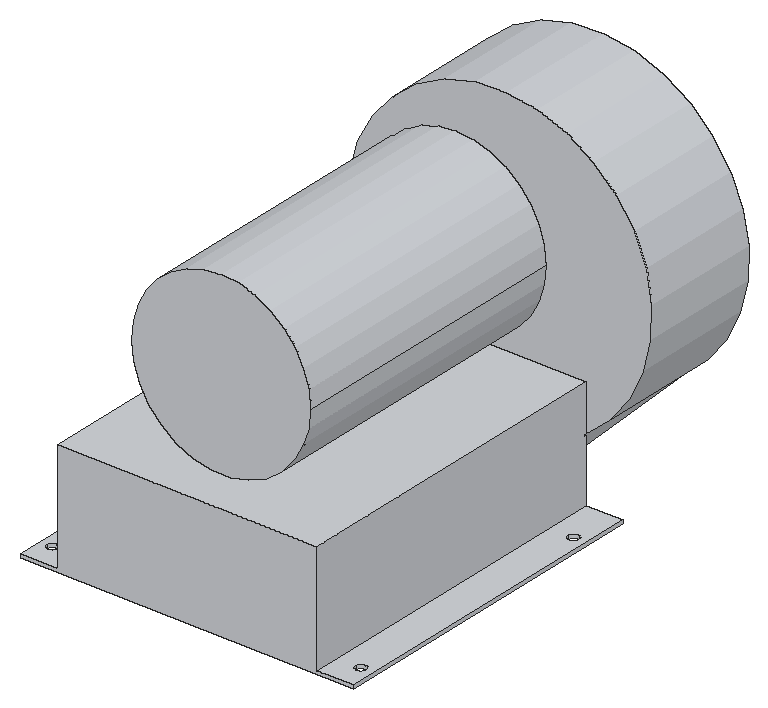
Revit family "CPFD_CW_BAD", category Mechanical Equipment, Revit 2019
Family settings
  Round Connector Dimension = Use Radius
  Part Type = Normal
  Work Plane-Based = No
  Always vertical = Yes
  Cut with Voids When Loaded = No
  Shared = No
  Room Calculation Point = No
Parameters (values of type "6_CPFD_CW_BAD")
  Unit Weight [instance] = ""
  T_SQ/2 = T_SQ / 2  # 1' - 4"
  T_SQ = 2' - 8"
  Sones [instance] = ""
  SPACE = 0' - 2"
  S = 0' - 3 11/16"
  R = 0' - 9 3/8"
  Q = 0' - 1 1/4"
  P/6 = P / 6  # 0' - 1.16667"
  P/2 = P / 2  # 0' - 3 1/2"
  P = 0' - 7"
  N/2 = N / 2  # 0' - 0 7/32"
  N = 0' - 0 7/16"
  Motor RPM [instance] = ""
  Motor Enclosure [instance] = ""
  ModelID [instance] = ""
  M = 0' - 3 5/8"
  LwA [instance] = ""
  L = 0' - 4 5/8"
  K = 0' - 1"
  J = 0' - 10 3/4"
  H/2 = H / 2  # 0' - 6 1/4"
  H-1.5" = H - 0' 1 1/2"  # 0' - 11"
  H = 1' - 0 1/2"
  G-Q = 0' - 5 49/128"
  G-1" = G - 0' 1"  # 0' - 3 3/8"
  G = 0' - 4 3/8"
  Fan RPM [instance] = ""
  F+1.25" = -(F + 0' 1 1/4")  # -0' - 5 7/8"
  F+.25" = -(F + 0' 0 1/4")  # -0' - 4 7/8"
  F = 0' - 4 5/8"
  E+.25" = E + 0' 0 1/4"  # 0' - 8 1/8"
  E = 0' - 7 7/8"
  D-S = D - S  # 0' - 4 7/16"
  D+R = D + R  # 1' - 5 1/2"
  D = 0' - 8 1/8"
  C/2 = C / 2  # 0' - 7"
  C = 1' - 2"
  B/2 = B / 2  # 0' - 9 1/4"
  B-F-2" = B - F - 0' 2"  # 0' - 11 7/8"
  B-F-.25" = B - F - 0' 0 1/4"  # 1' - 1 5/8"
  B = 1' - 6 1/2"
  Accessories [instance] = ""
  A/2 = A / 2  # 0' - 6 3/4"
  A = 1' - 1 1/2"
  45_ = 45.00°
  45 = 135.00°  # constant formula
  3" = 0' - 3"  # constant formula
  Brake Hp [instance] = ""
  4" = 0' - 4"  # constant formula
  2' = 2' - 0"
  2" = 0' - 2"  # constant formula
  1" = 0' - 1"  # constant formula
  0 = 0' - 0"  # constant formula
  Voltage [instance] = 0 V
  URL = "www.lorencook.com"
  Type Comments = "Forward Curved Centrifugal Blower Direct Drive Clockwise Bottom Angular Down Arrangement 4"  # constant formula
  Static Pressure [instance] = 0.00 in-wg
  Power [instance] = Voltage * Motor FLA * sqrt(if(Phase = 3, 3, 1))  # 0 VA
  Phase [instance] = 0
  Number of Poles [instance] = 1
  Motor Hp [instance] = "0"
  Motor FLA [instance] = 0 A
  Model = "CPFD_CW_BAD"  # constant formula
  Manufacturer = "Loren Cook Company"
  CFM [instance] = 0 CFM
  1.5 = 0' - 1 1/2"  # constant formula
  ONE EIGTH = 0' - 0 1/8"  # constant formula
  (P/2)-.125" = (P / 2) - 0' 0 1/8"  # 0' - 3 3/8"
Types (6): name | SPACE | S | R | Q | P/6 | P/2 | P | N/2 | N | M | L | J | H/2 | H-1.5" | H | G-1" | G | F+1.25" | F+.25" | F | E+.25" | E | D-S | D+R | D | C/2 | C | B/2 | B-F-2" | B-F-.25" | B | A/2 | A | (P/2)-.125"
  (no name) | 0' - 2" | 0' - 3 11/16" | 0' - 9 3/8" | 0' - 1 1/4" | 0' - 1.16667" | 0' - 3 1/2" | 0' - 7" | 0' - 0 7/32" | 0' - 0 7/16" | 0' - 3 5/8" | 0' - 4 5/8" | 0' - 10 3/4" | 0' - 6 1/4" | 0' - 11" | 1' - 0 1/2" | 0' - 3 3/8" | 0' - 4 3/8" | -0' - 5 7/8" | -0' - 4 7/8" | 0' - 4 5/8" | 0' - 8 1/8" | 0' - 7 7/8" | 0' - 4 7/16" | 1' - 5 1/2" | 0' - 8 1/8" | 0' - 7" | 1' - 2" | 0' - 9 1/4" | 0' - 11 7/8" | 1' - 1 5/8" | 1' - 6 1/2" | 0' - 6 3/4" | 1' - 1 1/2" | 0' - 3 3/8"
  6_CPFD_CW_BAD | 0' - 2" | 0' - 3 11/16" | 0' - 9 3/8" | 0' - 1 1/4" | 0' - 1.16667" | 0' - 3 1/2" | 0' - 7" | 0' - 0 7/32" | 0' - 0 7/16" | 0' - 3 5/8" | 0' - 4 5/8" | 0' - 10 3/4" | 0' - 6 1/4" | 0' - 11" | 1' - 0 1/2" | 0' - 3 3/8" | 0' - 4 3/8" | -0' - 5 7/8" | -0' - 4 7/8" | 0' - 4 5/8" | 0' - 8 1/8" | 0' - 7 7/8" | 0' - 4 7/16" | 1' - 5 1/2" | 0' - 8 1/8" | 0' - 7" | 1' - 2" | 0' - 9 1/4" | 0' - 11 7/8" | 1' - 1 5/8" | 1' - 6 1/2" | 0' - 6 3/4" | 1' - 1 1/2" | 0' - 3 3/8"
  7_CPFD_CW_BAD | 0' - 2 1/2" | 0' - 3 7/8" | 0' - 9 7/8" | 0' - 1 1/4" | 0' - 1.16667" | 0' - 3 1/2" | 0' - 7" | 0' - 0 7/32" | 0' - 0 7/16" | 0' - 3 5/8" | 0' - 7 1/8" | 1' - 0 1/4" | 0' - 6 1/4" | 0' - 11" | 1' - 0 1/2" | 0' - 3 3/4" | 0' - 4 3/4" | -0' - 6 5/8" | -0' - 5 5/8" | 0' - 5 3/8" | 0' - 8 5/8" | 0' - 8 3/8" | 0' - 6 3/4" | 1' - 8 1/2" | 0' - 10 5/8" | 0' - 8 15/32" | 1' - 4 15/16" | 0' - 10 1/8" | 1' - 0 7/8" | 1' - 2 5/8" | 1' - 8 1/4" | 0' - 6 3/4" | 1' - 1 1/2" | 0' - 3 3/8"
  9_CPFD_CW_BAD | 0' - 2" | 0' - 4 3/8" | 0' - 11 1/2" | 0' - 1 9/16" | 0' - 1 1/2" | 0' - 4 1/2" | 0' - 9" | 0' - 0 9/32" | 0' - 0 9/16" | 0' - 4 5/8" | 0' - 7 5/8" | 1' - 1 3/4" | 0' - 6 3/8" | 0' - 11 1/4" | 1' - 0 3/4" | 0' - 4 1/2" | 0' - 5 1/2" | -0' - 7 1/8" | -0' - 6 1/8" | 0' - 5 7/8" | 0' - 10 1/8" | 0' - 9 7/8" | 0' - 6 3/4" | 1' - 10 5/8" | 0' - 11 1/8" | 0' - 9 11/32" | 1' - 6 11/16" | 0' - 10 7/8" | 1' - 1 7/8" | 1' - 3 5/8" | 1' - 9 3/4" | 0' - 7" | 1' - 2" | 0' - 4 3/8"
  10_CPFD_CW_BAD | 0' - 3" | 0' - 4 15/16" | 1' - 1 1/16" | 0' - 1 3/4" | 0' - 1 1/2" | 0' - 4 1/2" | 0' - 9" | 0' - 0 9/32" | 0' - 0 9/16" | 0' - 4 5/8" | 0' - 9 7/8" | 1' - 1 3/4" | 0' - 7 1/8" | 1' - 0 3/4" | 1' - 2 1/4" | 0' - 5 7/16" | 0' - 6 7/16" | -0' - 7 5/8" | -0' - 6 5/8" | 0' - 6 3/8" | 0' - 11 5/8" | 0' - 11 3/8" | 0' - 9 7/16" | 2' - 3 7/16" | 1' - 2 3/8" | 0' - 11 7/16" | 1' - 10 7/8" | 0' - 11 1/8" | 1' - 1 7/8" | 1' - 3 5/8" | 1' - 10 1/4" | 0' - 7 3/4" | 1' - 3 1/2" | 0' - 4 3/8"
  12_CPFD_CW_BAD | 0' - 4 1/4" | 0' - 5 11/16" | 1' - 3 3/16" | 0' - 2 1/2" | 0' - 2.08333" | 0' - 6 1/4" | 1' - 0 1/2" | 0' - 0 9/32" | 0' - 0 9/16" | 0' - 4 5/8" | 0' - 9 7/8" | 1' - 2 1/4" | 0' - 7 7/8" | 1' - 2 1/4" | 1' - 3 3/4" | 0' - 6 1/16" | 0' - 7 1/16" | -0' - 7 1/8" | -0' - 6 1/8" | 0' - 5 7/8" | 1' - 1 5/8" | 1' - 1 3/8" | 0' - 8 11/16" | 2' - 5 9/16" | 1' - 2 3/8" | 1' - 0 7/32" | 2' - 0 7/16" | 0' - 11 3/8" | 1' - 2 7/8" | 1' - 4 5/8" | 1' - 10 3/4" | 0' - 8 1/2" | 1' - 5" | 0' - 6 1/8"
Reference planes (in)
  plane 1 "Center (Front/Back)": y = 0
  plane 2: z = 0
  plane 3 "Center (Left/Right)": x = 0.40541
Forms (in)
  Extrusion 1, solid
    sketch origin (0, 0, 0) x (1, 0, 0) y (0, 0, 1)
      loop
        line (-6.34459, 0) -> (7.15541, 0) -> (7.15541, 0.125) -> (5.65541, 0.125) -> (5.65541, 4.625) -> (-4.84459, 4.625) -> (-4.84459, 0.125) -> (-6.34459, 0.125) -> (-6.34459, 0)
    from 0 to 13.625 <- "B-F-.25""
  Extrusion 2, solid
    sketch origin (0, 0, 0) x (1, 0, 0) y (0, 0, 1)
      loop
        circle (0.40541, 8.25) r 3.625
    from 0 to 11.875 <- "B-F-2""
  Extrusion 3, solid
    sketch origin (0, 0, 0) x (1, 0, 0) y (0, 0, 1)
      loop
        circle (0.40541, 8.125) r 3.5
      loop
        circle (0.40541, 8.125) r 3.375
    from -5.875 <- "F+1.25"" to -4.875 <- "F+.25""
  Extrusion 4, void
    sketch origin (0, 0, 0) x (1, 0, 0) y (0, 1, 0)
      loop
        circle (-5.84459, -12.625) r 0.21875
      loop
        circle (-5.84459, -1.875) r 0.21875
      loop
        circle (6.65541, -12.625) r 0.21875
      loop
        circle (6.65541, -1.875) r 0.21875
    from 0 to 0.125
  Extrusion 5, solid
    sketch origin (0, 0, 0) x (1, 0, 0) y (0, 0, 1)
      loop
        line (1.65541, -1.30774) -> (5.74678, 2.78363)
        arc (5.74678, 2.78363) -> (3.72654, 13.80332) -> (-3.38272, 5.14461) r 6.17516
        line (-3.38272, 5.14461) -> (-4.08983, 4.4375) -> (1.65541, -1.30774)
    from 0 to -4.875 <- "F+.25""
  Revolve 6, void
    sketch origin (0.40541, 0, 0) x (0, 1, 0) y (0, 0, 1)
      loop
        arc (4.875, 11.5) -> (4.53329, 10.67504) -> (3.70833, 10.33333) r 1.16667
        line (3.70833, 10.33333) -> (3.70833, 8.125) -> (4.875, 8.125) -> (4.875, 11.5)
      axis (3.70833, 8.125) -> (4.875, 8.125)
    angle from 0 to 360
Cuts and joins
  Extrusion 4 cuts Extrusion 1
  Revolve 6 cuts Extrusion 3
  Revolve 6 cuts Extrusion 5
Lines and regions (in)
  model lines
    curve 1: line (0.40541, 0, 8.125) -> (7.23028, 0, 1.30013)
Dimensions and locks (in)
  "A/2": plane 3 "Center (Left/Right)" to Extrusion 1 sketch curve
  "A/2": Extrusion 1 sketch curve to plane 3 "Center (Left/Right)"
  "1.5": Extrusion 1 sketch curve to Extrusion 1 sketch curve  (x2)
  "L": Extrusion 1 sketch curve to level
  "ONE EIGTH": Extrusion 1 sketch curve to Extrusion 1 sketch curve  (x2)
  "0": Extrusion 2 sketch curve to Extrusion 1
  "0": Extrusion 2 sketch curve to plane 3 "Center (Left/Right)"
  "M": Extrusion 2 sketch curve to Extrusion 1
  "0": Extrusion 3 sketch curve to plane 3 "Center (Left/Right)"  (x2)
  "K": Extrusion 1 to Extrusion 4 sketch curve  (x2)
  "J": Extrusion 4 sketch curve to Extrusion 4 sketch curve  (x2)
  "H/2": Extrusion 4 sketch curve to plane 3 "Center (Left/Right)"  (x4)
  locked: Extrusion 3 sketch curve to Extrusion 3 sketch curve
  "D": Extrusion 3 sketch curve to level
  "D": Revolve 6 sketch curve to level
  "0": Revolve 6 sketch curve to Revolve 6 sketch curve
  "P/6": Extrusion 5 to Revolve 6 sketch curve
  "(P/2)-.125"": Revolve 6 sketch curve to Revolve 6 sketch curve
  "D": level to curve 1
  "1"": Extrusion 5 sketch curve to Extrusion 5 sketch curve
  "0": Extrusion 5 sketch curve to curve 1
  "E+.25"": Extrusion 5 sketch curve to Extrusion 5 sketch curve
  "Q": Extrusion 5 sketch curve to plane 3 "Center (Left/Right)"
  "D-S": level to Extrusion 5 sketch curve
  "C": level to Extrusion 5 sketch curve
  "P/2": radius of Extrusion 3 sketch curve
  "(P/2)-.125"": radius of Extrusion 3 sketch curve
  "N/2": radius of Extrusion 4 sketch curve  (x4)
  "P/6": radius of Revolve 6 sketch curve
  "45": angle curve 1 to level
  "45_": angle Extrusion 5 sketch curve to level
Automatic sketch dimensions
  Extrusion 1 sketch curve to level = 0' - 0"
  Revolve 6 sketch curve to Revolve 6 sketch curve = 0' - 0"
  Revolve 6 sketch curve to Revolve 6 sketch curve = 0' - 2 3/4"
  curve 1 to plane 3 "Center (Left/Right)" = 0' - 0"
Connectors (in)
  electrical at (0.40541, -11.875, 8.25)
    settings: on Extrusion 2, index 1, voltage 0 V, apparent load 0 VA, apparent load phase1 0 VA, apparent load phase2 0 VA, apparent load phase3 0 VA, power factor 1, load classification "Other", number of poles 1, system type 30, power factor state 1, is connector primary yes, connector utility no, sub classification motor no, connector description ""
  hvac at (0.40541, 5.875, 8.125), driven by "P/2"
    settings: on Extrusion 3, index 4, duct flow 0 CFM, flow factor 0, pres drop 0.00 in-wg, loss coef 0, conn angle 0.00°, conn width 12", conn height 12", conn diameter 7", duct sys type 29, conn prof type 0, flow config 0, flow direction 1, loss method 0, conn ref index -1, conn util no, is conn primary yes, conn desc ""
  hvac at (-1.21721, 2.4375, 1.56488), driven by "E", driven by "F"
    settings: on cut or joined group of Extrusion 5, Revolve 6, index 6, duct flow 0 CFM, flow factor 0, pres drop 0.00 in-wg, loss coef 0, conn angle 0.00°, conn width 4 5/8", conn height 7 7/8", conn diameter 24", duct sys type 29, conn prof type 1, flow config 0, flow direction 2, loss method 0, conn ref index -1, conn util no, is conn primary no, conn desc ""
